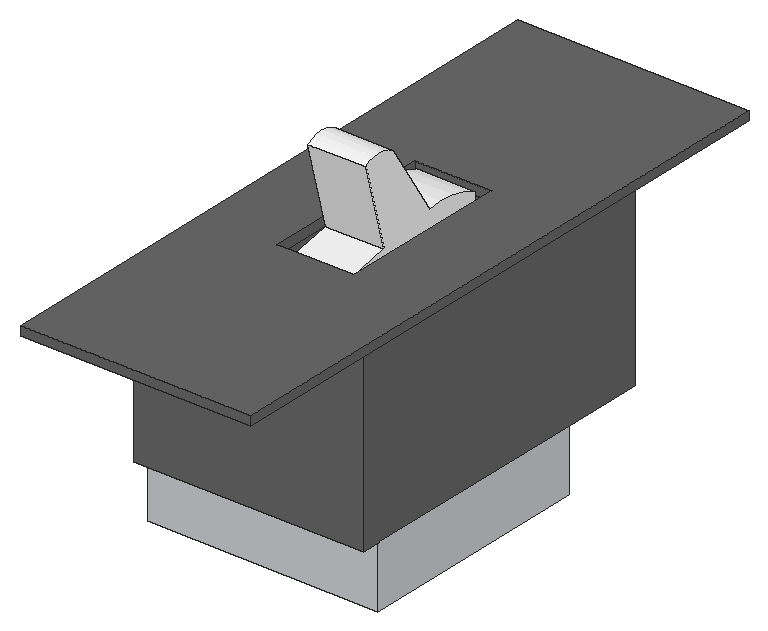
Revit family "Switch_Toggle_Leviton_Toggle-Lev-Lok", category Electrical Fixtures, Revit 2023
Family settings
  Round Connector Dimension = Use Diameter
  Part Type = Normal
  Work Plane-Based = Yes
  Always vertical = No
  Cut with Voids When Loaded = No
  Maintain Annotation Orientation = No
  Shared = No
  Room Calculation Point = No
Parameters
  offset [instance] = 0' - 0"
  Warranty Duration (Years) = 0
  Voltage_MEP = 0 V
  Unit Width = 0' - 1 1/2"
  Unit Height = 0' - 4 15/256"
  Unit Depth = 0' - 1 9/64"
  URL = "http://www.leviton.com/OA_HTML/Home.jsp?minisite=10251&respid=22372"
  Termination = "as Specified"
  Switch Height = 0' - 1"
  Standards Conformance = "as Specified"
  Specification = ""
  SpecWizard = ""
  Send Message = "http://www.arcat.com/users.pl?action=UserEmail&company=Leviton+Mfg.+Co.,+Inc.&coid=41690&rep=117&fax=631-812-6252&mf="
  Screw Mounts Location = 0' - 3 9/32"
  Sales Information = "http://www.leviton.com/OA_HTML/SectionDisplay.jsp?section=37579&minisite=10251"
  Revision = "R1_10-2012"
  Projection From Host = 0' - 0 161/256"
  Product Properties = ""
  Product Data = "http://arcat.com/arcatcos/cos41/arc41690.html?isac=1&r=1"
  Number of Poles = 1
  Model = "As Specified"
  Maximum Amperage = 0
  Manufacturer Website = "http://www.leviton.com/OA_HTML/Home.jsp?minisite=10251&respid=22372"
  Manufacturer Phone - Toll Free = "800-323-8920"
  Manufacturer Phone = ""
  Manufacturer Fax = "631-812-6252"
  Manufacturer Address = "201 N. Service Rd. Melville, NY 11747"
  Manufacturer = "Leviton Mfg. Co., Inc."
  Maintenance Schedule (Months) = 0
  MEP Apparent Power = 0 VA
  MEP Amperage = 0 A
  LevLok Wiring Module Type [instance] = LevLokWiringModule : MSPSW-SD
  Grounding = "as Specified"
  Backing Color = Thermoplastic - Leviton - Black
  Keynote = "16140"
  Installation-Fabrication = ""
  Installation Phase = "Electrical Wiring"
  HP Rating = "as Specified"
  Green Building-LEED = ""
  Fixture Material = Thermoplastic - Leviton - White
  Fixture Grade = "as Specified"
  Fixture Application = "as Specified"
  Expected Lifespan (Years) = 0
  Drawn By = "Sumex Design, Inc. / Robert S. Weygant, CSI, CDT, SCIP"
  Description = "Leviton Product as Specified"
  Default Elevation = 4' - 0"
  Copyright = "©Arcat Inc."
  Construction Details = ""
  Fixture Height = 0' - 2 27/128"
  Assembly Code = "D5020100"
  Acceptable Loads = "as Specified"
Reference planes (in)
  plane 1 "Center (Front/Back)": y = 0
  plane 2 "Bottom": z = 0
  plane 3 "Center (Left/Right)": x = 0
  plane 4 "Front": y = -2.0293
  plane 5 "Back": y = 2.0293
  plane 6 "Left": x = -0.75
  plane 7 "Right": x = 0.75
  plane 8 "Top": z = 0.62891
  plane 9: z = -1.14062
  plane 10: y = 0.5
  plane 11: y = -0.5
  plane 12: z = 0.45352
  plane 13: y = 1.10547
  plane 14: y = -1.10547
  plane 15: y = 1.64062
  plane 16: y = -1.64063
Forms (in)
  Extrusion 1, solid, material "Thermoplastic - Leviton - Black" <- "Backing Color"
    sketch origin (0, 0, 0) x (1, 0, 0) y (0, 1, 0)
      loop
        line (-0.75, 2.0293) -> (-0.75, -2.0293) -> (0.75, -2.0293) -> (0.75, 2.0293) -> (-0.75, 2.0293)
    from 0 to 0.0625
  Extrusion 2, solid, material "Thermoplastic - Leviton - Black" <- "Backing Color"
    sketch origin (0, 0, 0) x (1, 0, 0) y (0, 1, 0)
      loop
        line (-0.75, 1.10547) -> (-0.75, -1.10547) -> (0.75, -1.10547) -> (0.75, 1.10547) -> (-0.75, 1.10547)
    from 0 to -1.14062
  Extrusion 3, solid, material "Thermoplastic - Leviton - White" <- "Fixture Material"
    sketch origin (0, 0, 0) x (0, 1, 0) y (0, 0, 1)
      loop
        line (-0.24082, 0.05117) -> (-0.5, 0) -> (0.5, 0) -> (0.5, 0.0625)
        arc (0.5, 0.0625) -> (0.32175, 0.11934) -> (0.1347, 0.11601) r 0.57552
        line (0.1347, 0.11601) -> (-0.1633, 0.5929)
        arc (-0.1633, 0.5929) -> (-0.2746, 0.62897) -> (-0.3863, 0.59414) r 0.19309
        line (-0.3863, 0.59414) -> (-0.24082, 0.05117)
    from 0.1875 to -0.1875
  Extrusion 4, void
    sketch origin (0, 0, 0) x (1, 0, 0) y (0, 1, 0)
      loop
        line (-0.25, 0.5625) -> (-0.25, -0.5625) -> (0.25, -0.5625) -> (0.25, 0.5625) -> (-0.25, 0.5625)
    from 0.0625 to -0.13804
Cuts and joins
  Extrusion 4 cuts Extrusion 1
  Extrusion 4 cuts Extrusion 2
Dimensions and locks (in)
  equal spacing: plane 6 "Left", plane 3 "Center (Left/Right)", plane 7 "Right"
  "Unit Width": plane 6 "Left" to plane 7 "Right"
  equal spacing: plane 5 "Back", plane 1 "Center (Front/Back)", plane 4 "Front"
  "Unit Height": plane 5 "Back" to plane 4 "Front"
  "Projection From Host": plane 8 "Top" to level
  "Unit Depth": level to plane 9
  equal spacing: plane 10, plane 1 "Center (Front/Back)", plane 11
  "Switch Height": plane 10 to plane 11
  locked: plane 12 to plane 8 "Top" at 0.17539
  equal spacing: plane 13, plane 1 "Center (Front/Back)", plane 14
  "Fixture Height": plane 13 to plane 14
  equal spacing: plane 15, plane 1 "Center (Front/Back)", plane 16
  "Screw Mounts Location": plane 15 to plane 16
  aligned and locked: plane 6 "Left" to Extrusion 1 sketch curve
  aligned and locked: Extrusion 1 sketch curve to plane 5 "Back"
  aligned and locked: plane 4 "Front" to Extrusion 1 sketch curve
  aligned and locked: Extrusion 1 sketch curve to plane 7 "Right"
  aligned and locked: plane 6 "Left" to Extrusion 2 sketch curve
  aligned and locked: Extrusion 2 sketch curve to plane 13
  aligned and locked: plane 14 to Extrusion 2 sketch curve
  aligned and locked: Extrusion 2 sketch curve to plane 7 "Right"
  aligned and locked: Extrusion 2 to plane 9
  aligned and locked: level to Extrusion 2
Automatic sketch dimensions
  Extrusion 3 sketch curve to level = 0' - 0"
  Extrusion 3 sketch curve to plane 11 = 0' - 0"
  Extrusion 3 sketch curve to plane 10 = 0' - 0"
  Extrusion 3 sketch curve to plane 8 "Top" = 0' - 0.03477"
  plane 11 to Extrusion 3 sketch curve = 0' - 0.1137"
  plane 12 to Extrusion 3 sketch curve = 0' - 0.01764"
  Extrusion 3 sketch curve to Extrusion 3 sketch curve = 0' - 0.11062"
  level to Extrusion 3 sketch curve = 0' - 0.05117"
  plane 1 "Center (Front/Back)" to Extrusion 3 sketch curve = 0' - 0.24082"
  Extrusion 3 sketch curve to plane 8 "Top" = 0' - 0.03601"
  Extrusion 3 sketch curve to plane 1 "Center (Front/Back)" = 0' - 0.1347"
  Extrusion 3 sketch curve to plane 1 "Center (Front/Back)" = 0' - 0.23835"
  Extrusion 3 sketch curve to level = 0' - 0.4501"
  Extrusion 3 sketch curve to Extrusion 3 sketch curve = 0' - 0 1/16"
  Extrusion 4 sketch curve to plane 11 = 0' - 0 1/16"
  Extrusion 4 sketch curve to plane 3 "Center (Left/Right)" = 0' - 0 1/4"
  plane 10 to Extrusion 4 sketch curve = 0' - 0 1/16"
  plane 3 "Center (Left/Right)" to Extrusion 4 sketch curve = 0' - 0 1/4"
Nested families (in)
  nested 1: "LevLokWiringModule" at (0, -0.2113, -1.14063) x (1, 0, 0) z (0, 0, -1), type <- "LevLok Wiring Module Type", type "MSPSW-SD"
    with offset 0' - 0"
Connectors (in)
  electrical at (0, 0, 0)
    settings: index 1, voltage 0 V, apparent load 0 VA, apparent load phase1 0 VA, apparent load phase2 0 VA, apparent load phase3 0 VA, power factor 1, load classification "Other", number of poles 1, system type 31, power factor state 1, is connector primary yes, connector utility no, sub classification motor no, connector description ""
Definition of nested family "LevLokWiringModule"
  Parameters
    offset [instance] = 0' - 0"
    Warranty Duration (Years) = 0
    Voltage_MEP = 0 V
    Unit Width = 0' - 1 1/2"
    Unit Height = 0' - 1 141/256"
    Unit Depth = 0' - 0 51/128"
    URL = "http://www.leviton.com/OA_HTML/Home.jsp?minisite=10251&respid=22372"
    Termination = "as Specified"
    Specification = ""
    SpecWizard = ""
    Send Message = "http://www.arcat.com/users.pl?action=UserEmail&company=Leviton+Mfg.+Co.,+Inc.&coid=41690&rep=117&fax=631-812-6252&mf="
    Sales Information = "http://www.leviton.com/OA_HTML/SectionDisplay.jsp?section=37579&minisite=10251"
    Revision = "R1_10-2012"
    Product Properties = ""
    Product Data = "http://arcat.com/arcatcos/cos41/arc41690.html?isac=1&r=1"
    Number of Poles = 1
    Model = "As Specified"
    Manufacturer Website = "http://www.leviton.com/OA_HTML/Home.jsp?minisite=10251&respid=22372"
    Manufacturer Phone - Toll Free = "800-323-8920"
    Manufacturer Phone = ""
    Manufacturer Fax = "631-812-6252"
    Manufacturer Address = "201 N. Service Rd. Melville, NY 11747"
    Manufacturer = "Leviton Mfg. Co., Inc."
    Maintenance Schedule (Months) = 0
    MEP Apparent Power = 0 VA
    MEP Amperage = 0 A
    Keynote = "16140"
    Installation-Fabrication = ""
    Installation Phase = "Electrical Wiring"
    Grounding = "as Specified"
    Green Building-LEED = ""
    Expected Lifespan (Years) = 0
    Drawn By = "Sumex Design, Inc. / Robert S. Weygant, CSI, CDT, SCIP"
    Description = "Leviton Product as Specified"
    Default Elevation = 4' - 0"
    Copyright = "©Arcat Inc."
    Construction Details = ""
    Assembly Code = "D5020100"
  Reference planes (in)
    plane 1 "Center (Front/Back)": y = 0
    plane 2 "Bottom": z = 0
    plane 3 "Center (Left/Right)": x = 0
    plane 4 "Front": y = -0.77539
    plane 5 "Back": y = 0.77539
    plane 6 "Left": x = -0.75
    plane 7 "Right": x = 0.75
    plane 8 "Top": z = 0.39844
  Forms (in)
    Extrusion 1, solid
      sketch origin (0, 0, 0) x (1, 0, 0) y (0, 1, 0)
        loop
          line (-0.75, 0.77539) -> (-0.75, -0.77539) -> (0.75, -0.77539) -> (0.75, 0.77539) -> (-0.75, 0.77539)
      from 0 to 0.39844
  Dimensions and locks (in)
    equal spacing: plane 6 "Left", plane 3 "Center (Left/Right)", plane 7 "Right"
    "Unit Width": plane 6 "Left" to plane 7 "Right"
    equal spacing: plane 5 "Back", plane 1 "Center (Front/Back)", plane 4 "Front"
    "Unit Height": plane 5 "Back" to plane 4 "Front"
    "Unit Depth": plane 8 "Top" to level
    aligned and locked: plane 6 "Left" to Extrusion 1 sketch curve
    aligned and locked: Extrusion 1 sketch curve to plane 5 "Back"
    aligned and locked: plane 4 "Front" to Extrusion 1 sketch curve
    aligned and locked: Extrusion 1 sketch curve to plane 7 "Right"
    aligned and locked: plane 8 "Top" to Extrusion 1
